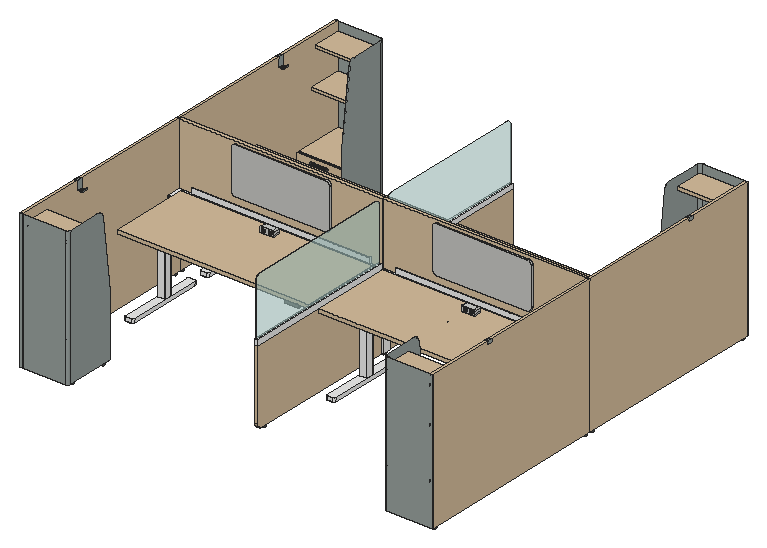
Revit family "Layout-Teknion-Expansion_Cityline_Height_Adjustable_Workstation_09-R2021", category Furniture Systems, Revit 2021
Family settings
  Round Connector Dimension = Use Diameter
  Part Type = Normal
  OmniClass Number = 23.40.70.14.64.21
  OmniClass Title = Systems Furniture
  Work Plane-Based = No
  Always vertical = Yes
  Cut with Voids When Loaded = No
  Shared = Yes
  Room Calculation Point = No
Parameters (values of type "Expansion Cityline Height-Adjustable Workstation 09")
  Warranty = "http://www.teknion.com/ca/papers/legal-canada"
  Unit Weight URL = "http://www.teknion.com/ca/tools/assets#&asset=bee6a381-b954-425e-8283-5a2de3a804f2,f828d448-4b62-4231-9e5f-9a8991c0ed77"
  URL = "www.teknion.com"
  To render please download texture images found here [instance] = "https://assets.teknion.com/web/5e81352c1dfdb467/revit-material-swatches/"
  Sustainability Data = "https://www.teknion.com/ca/tools/assets#&topic=216f99a5-57a0-44fc-b10a-9dee9b29ae4c&asset=444deb64-fe58-4b68-981e-f75e97781df7,b4ff2d81-9f2e-437d-9659-7cffb09c31cf"
  Series = "Expansion Cityline"  # constant formula
  Product Page URL = "https://www.teknionplanningtool.com/#?Expansion-Cityline-HAWorkstation09"
  Product Line = "Expansion Cityline"  # constant formula
  Model = "Expansion Cityline Height-Adjustable Workstation Layout 09"
  Material Finish Note [instance] = "Click on Edit Family to change the finishes."  # constant formula
  Manufacturer Phone = "416-661-3370"  # constant formula
  Manufacturer Fax = "416.661.4586"  # constant formula
  Manufacturer Contact Information = "http://www.teknion.com/ca/contactus"
  Manufacturer Address = "1150 Flint Road, Toronto, ON. M3J 2J5. Canada"  # constant formula
  Manufacturer = "Teknion"  # constant formula
  How To Use Teknion Materials User Guide [instance] = "https://assets.teknion.com/m/205dd0a49fa58060/original/How-to-add-a-Material-Library-and-Texture-Images-to-your-Revit-project.pdf"
  For Additional Finishes please visit [instance] = "https://assets.teknion.com/m/44a8009b046e5d47/original/Teknion_Materials_Library.zip"
  Description = "12'-7\" x 12'-0\" Overall"
  Default Elevation = 0.000"
  Assembly Code = "E2020200"
Reference planes (in)
  plane 1 "Center F/B": y = 324.47366
  plane 2: z = 0
  plane 3 "Center L/R": x = 376.29242
  plane 4 "Top": z = 50.87824
  plane 5: x = 300.86919
  plane 6: y = 252.41465
  plane 7: y = 396.53267
  plane 8: x = 451.71565
Dimensions and locks (in)
  plane 4 "Top" to level = 50.87824"
  equal spacing: plane 7, plane 1 "Center F/B", plane 6
  equal spacing: plane 5, plane 3 "Center L/R", plane 8
  plane 7 to plane 6 = 144.11802"
  plane 5 to plane 8 = 150.84646"
  aligned and locked: level to plane 2
Nested families (in)
  nested 1: "Screen-Teknion-JNSFDT_Floor_Screen_With_Metal_Tower_Open_Leg_Mounted_Two_Users-R2021" at (450.6999, 324.53263, 0) x (0, -1, 0) z (0, 0, 1), type "51" Datum Height, No Pass-Through"
    with Width 144.000", To render please download texture images found here "https://assets.teknion.com/web/5e81352c1dfdb467/revit-material-swatches/", Screen Finish Laminate - Teknion - 2L - Coastal Elm, Metal Tower Finish Paint - Teknion - Accent - Blue Sage, How To Use Teknion Materials User Guide "https://assets.teknion.com/m/205dd0a49fa58060/original/How-to-add-a-Material-Library-and-Texture-Images-to-your-Revit-project.pdf", Hook Finish Paint - Teknion - Accent - Blue Sage, Hardware Finish Paint - Teknion - Accent - Blue Sage, For Additional Finishes please visit "https://assets.teknion.com/m/44a8009b046e5d47/original/Teknion_Materials_Library.zip", Drawer File no, Available Width "132, 144, 156 & 168 Inch"
  nested 2: "Screen-Teknion-JNSFDT_Floor_Screen_With_Metal_Tower_Open_Leg_Mounted_Two_Users-R2021" at (301.88494, 324.53271, 0) x (0, 1, 0) z (0, 0, 1), type "51" Datum Height, No Pass-Through"
    with Width 144.000", To render please download texture images found here "https://assets.teknion.com/web/5e81352c1dfdb467/revit-material-swatches/", Screen Finish Laminate - Teknion - 2L - Coastal Elm, Metal Tower Finish Paint - Teknion - Accent - Blue Sage, How To Use Teknion Materials User Guide "https://assets.teknion.com/m/205dd0a49fa58060/original/How-to-add-a-Material-Library-and-Texture-Images-to-your-Revit-project.pdf", Hook Finish Paint - Teknion - Accent - Blue Sage, Hardware Finish Paint - Teknion - Accent - Blue Sage, For Additional Finishes please visit "https://assets.teknion.com/m/44a8009b046e5d47/original/Teknion_Materials_Library.zip", Drawer File no, Available Width "132, 144, 156 & 168 Inch"
  nested 3: "Screen-Teknion-JZSFGP_Floor_Screen_With_Glass_EZ_Fence_Post_Mounted-R2021" at (376.29242, 336.47345, 0) x (0, -1, 0) z (0, 0, 1), type "51" Datum Height, 28" Glass Starting Height"
    with Width Reduction Option "Select Width Reduction Option. Full-Beam Reduction is Default.", Width Reduction 1.693", Width 60.000", To render please download texture images found here "https://assets.teknion.com/web/5e81352c1dfdb467/revit-material-swatches/", Standard Corner no, Screen Width 58.484", Screen Finish Laminate - Teknion - 2L - Coastal Elm, Radius Corner yes, How To Use Teknion Materials User Guide "https://assets.teknion.com/m/205dd0a49fa58060/original/How-to-add-a-Material-Library-and-Texture-Images-to-your-Revit-project.pdf", Hardware Finish Paint  -Teknion - 83 - Very White, Half-Beam Reduction no, Glass Finish Glass - Teknion - FT - Frosted Glass, Full-Beam Reduction yes, Frame Finish Paint  -Teknion - 83 - Very White, For Additional Finishes please visit "https://assets.teknion.com/m/44a8009b046e5d47/original/Teknion_Materials_Library.zip", Corner Detail Option "Select Corner Detail Option. Standard Corner is Default.", Available Width "24, 30, 36, 42, 48, 54, 60, 66, 72, 78 & 84 Inch"
  nested 4: "Screen-Teknion-JZSFGP_Floor_Screen_With_Glass_EZ_Fence_Post_Mounted-R2021" at (376.29242, 312.4737, 0) x (0, 1, 0) z (0, 0, 1), type "51" Datum Height, 28" Glass Starting Height"
    with Width Reduction Option "Select Width Reduction Option. Full-Beam Reduction is Default.", Width Reduction 1.693", Width 60.000", To render please download texture images found here "https://assets.teknion.com/web/5e81352c1dfdb467/revit-material-swatches/", Standard Corner no, Screen Width 58.484", Screen Finish Laminate - Teknion - 2L - Coastal Elm, Radius Corner yes, How To Use Teknion Materials User Guide "https://assets.teknion.com/m/205dd0a49fa58060/original/How-to-add-a-Material-Library-and-Texture-Images-to-your-Revit-project.pdf", Hardware Finish Paint  -Teknion - 83 - Very White, Half-Beam Reduction no, Glass Finish Glass - Teknion - FT - Frosted Glass, Full-Beam Reduction yes, Frame Finish Paint  -Teknion - 83 - Very White, For Additional Finishes please visit "https://assets.teknion.com/m/44a8009b046e5d47/original/Teknion_Materials_Library.zip", Corner Detail Option "Select Corner Detail Option. Standard Corner is Default.", Available Width "24, 30, 36, 42, 48, 54, 60, 66, 72, 78 & 84 Inch"
  nested 5: "Support-Teknion-JNXRMH_hiSpace_Quick_Connect_Height_Adjustable_Mechanism_Rectangular-R2021" at (339.46408, 307.32003, 0), type "Extended Electric – Extended, 29" Depth, User Optimized Width Configuration"
    with Width 70.000", To render please download texture images found here "https://assets.teknion.com/web/5e81352c1dfdb467/revit-material-swatches/", Powerbar yes, How To Use Teknion Materials User Guide "https://assets.teknion.com/m/205dd0a49fa58060/original/How-to-add-a-Material-Library-and-Texture-Images-to-your-Revit-project.pdf", For Additional Finishes please visit "https://assets.teknion.com/m/44a8009b046e5d47/original/Teknion_Materials_Library.zip", Base Mechanism(Height) 27.811", Base Finish Paint  -Teknion - 83 - Very White, Available Width "46,49,52,55,58,61,64,67,70 inch", Available Base Mechanism(Height) "22.6 -48.7 inches"
  nested 6: "Worksurface-Teknion-JNXRW_hiSpace_Rectangular_Worksurface_With_Quick_Connect_Kit-R2021" at (339.46408, 307.28074, 0), type "Square Cut-Out - Center"
    with Worksurface Finish Laminate - Teknion - 2L - Coastal Elm, Width Configuration Option "Select Width Configuration. Standard Width are Default", Width Configuration Distance 1.110", Width 70.000", User Optimized Width (Accessory Restriction) yes, To render please download texture images found here "https://assets.teknion.com/web/5e81352c1dfdb467/revit-material-swatches/", Standard Width no, Standard yes, Square Cut-Out - Distance 4.553", Node - Cut-Out Right no, Node - Cut-Out Left no, Node - Cut-Out Center yes, Masking Region - Standard Corner, SR no, Masking Region - Standard Corner, SL no, Masking Region - Standard Corner, SC yes, Masking Region - Standard Corner, NN no, Masking Region - Standard Corner, DR no, Masking Region - Standard Corner, DL no, Masking Region - Standard Corner, DC no, Masking Region - Standard Corner, CR no, Masking Region - Standard Corner, CL no, Masking Region - Curved Corner, SR no, Masking Region - Curved Corner, SL no, Masking Region - Curved Corner, SC no, Masking Region - Curved Corner, NN no, Masking Region - Curved Corner, DR no, Masking Region - Curved Corner, DL no, Masking Region - Curved Corner, DC no, Masking Region - Curved Corner, CR no, Masking Region - Curved Corner, CL no, How To Use Teknion Materials User Guide "https://assets.teknion.com/m/205dd0a49fa58060/original/How-to-add-a-Material-Library-and-Texture-Images-to-your-Revit-project.pdf", Frame Finish Paint  -Teknion - 83 - Very White, For Additional Finishes please visit "https://assets.teknion.com/m/44a8009b046e5d47/original/Teknion_Materials_Library.zip", Diamond Cut-Out - Distance 3.358", Depth 29.000", Curved no, Corner Detail Option "Select Corner Detail. Curved are Default", Available Width "46, 49, 52, 55, 58, 61, 64, 67 & 70 Inch", Available Depth "23 & 29 Inch"
  nested 7: "Support-Teknion-JNXRMH_hiSpace_Quick_Connect_Height_Adjustable_Mechanism_Rectangular-R2021" at (413.12157, 307.32004, 0), type "Extended Electric – Extended, 29" Depth, User Optimized Width Configuration"
    with Width 70.000", To render please download texture images found here "https://assets.teknion.com/web/5e81352c1dfdb467/revit-material-swatches/", Powerbar yes, How To Use Teknion Materials User Guide "https://assets.teknion.com/m/205dd0a49fa58060/original/How-to-add-a-Material-Library-and-Texture-Images-to-your-Revit-project.pdf", For Additional Finishes please visit "https://assets.teknion.com/m/44a8009b046e5d47/original/Teknion_Materials_Library.zip", Base Mechanism(Height) 27.811", Base Finish Paint  -Teknion - 83 - Very White, Available Width "46,49,52,55,58,61,64,67,70 inch", Available Base Mechanism(Height) "22.6 -48.7 inches"
  nested 8: "Worksurface-Teknion-JNXRW_hiSpace_Rectangular_Worksurface_With_Quick_Connect_Kit-R2021" at (413.12157, 307.28075, 0), type "Square Cut-Out - Center"
    with Worksurface Finish Laminate - Teknion - 2L - Coastal Elm, Width Configuration Option "Select Width Configuration. Standard Width are Default", Width Configuration Distance 1.110", Width 70.000", User Optimized Width (Accessory Restriction) yes, To render please download texture images found here "https://assets.teknion.com/web/5e81352c1dfdb467/revit-material-swatches/", Standard Width no, Standard yes, Square Cut-Out - Distance 4.553", Node - Cut-Out Right no, Node - Cut-Out Left no, Node - Cut-Out Center yes, Masking Region - Standard Corner, SR no, Masking Region - Standard Corner, SL no, Masking Region - Standard Corner, SC yes, Masking Region - Standard Corner, NN no, Masking Region - Standard Corner, DR no, Masking Region - Standard Corner, DL no, Masking Region - Standard Corner, DC no, Masking Region - Standard Corner, CR no, Masking Region - Standard Corner, CL no, Masking Region - Curved Corner, SR no, Masking Region - Curved Corner, SL no, Masking Region - Curved Corner, SC no, Masking Region - Curved Corner, NN no, Masking Region - Curved Corner, DR no, Masking Region - Curved Corner, DL no, Masking Region - Curved Corner, DC no, Masking Region - Curved Corner, CR no, Masking Region - Curved Corner, CL no, How To Use Teknion Materials User Guide "https://assets.teknion.com/m/205dd0a49fa58060/original/How-to-add-a-Material-Library-and-Texture-Images-to-your-Revit-project.pdf", Frame Finish Paint  -Teknion - 83 - Very White, For Additional Finishes please visit "https://assets.teknion.com/m/44a8009b046e5d47/original/Teknion_Materials_Library.zip", Diamond Cut-Out - Distance 3.358", Depth 29.000", Curved no, Corner Detail Option "Select Corner Detail. Curved are Default", Available Width "46, 49, 52, 55, 58, 61, 64, 67 & 70 Inch", Available Depth "23 & 29 Inch"
  nested 9: "Support-Teknion-JNXRMH_hiSpace_Quick_Connect_Height_Adjustable_Mechanism_Rectangular-R2021" at (413.12076, 341.62728, 0) x (-1, 0, 0) z (0, 0, 1), type "Extended Electric – Extended, 29" Depth, User Optimized Width Configuration"
    with Width 70.000", To render please download texture images found here "https://assets.teknion.com/web/5e81352c1dfdb467/revit-material-swatches/", Powerbar yes, How To Use Teknion Materials User Guide "https://assets.teknion.com/m/205dd0a49fa58060/original/How-to-add-a-Material-Library-and-Texture-Images-to-your-Revit-project.pdf", For Additional Finishes please visit "https://assets.teknion.com/m/44a8009b046e5d47/original/Teknion_Materials_Library.zip", Base Mechanism(Height) 27.811", Base Finish Paint  -Teknion - 83 - Very White, Available Width "46,49,52,55,58,61,64,67,70 inch", Available Base Mechanism(Height) "22.6 -48.7 inches"
  nested 10: "Worksurface-Teknion-JNXRW_hiSpace_Rectangular_Worksurface_With_Quick_Connect_Kit-R2021" at (413.12076, 341.66657, 0) x (-1, 0, 0) z (0, 0, 1), type "Square Cut-Out - Center"
    with Worksurface Finish Laminate - Teknion - 2L - Coastal Elm, Width Configuration Option "Select Width Configuration. Standard Width are Default", Width Configuration Distance 1.110", Width 70.000", User Optimized Width (Accessory Restriction) yes, To render please download texture images found here "https://assets.teknion.com/web/5e81352c1dfdb467/revit-material-swatches/", Standard Width no, Standard yes, Square Cut-Out - Distance 4.553", Node - Cut-Out Right no, Node - Cut-Out Left no, Node - Cut-Out Center yes, Masking Region - Standard Corner, SR no, Masking Region - Standard Corner, SL no, Masking Region - Standard Corner, SC yes, Masking Region - Standard Corner, NN no, Masking Region - Standard Corner, DR no, Masking Region - Standard Corner, DL no, Masking Region - Standard Corner, DC no, Masking Region - Standard Corner, CR no, Masking Region - Standard Corner, CL no, Masking Region - Curved Corner, SR no, Masking Region - Curved Corner, SL no, Masking Region - Curved Corner, SC no, Masking Region - Curved Corner, NN no, Masking Region - Curved Corner, DR no, Masking Region - Curved Corner, DL no, Masking Region - Curved Corner, DC no, Masking Region - Curved Corner, CR no, Masking Region - Curved Corner, CL no, How To Use Teknion Materials User Guide "https://assets.teknion.com/m/205dd0a49fa58060/original/How-to-add-a-Material-Library-and-Texture-Images-to-your-Revit-project.pdf", Frame Finish Paint  -Teknion - 83 - Very White, For Additional Finishes please visit "https://assets.teknion.com/m/44a8009b046e5d47/original/Teknion_Materials_Library.zip", Diamond Cut-Out - Distance 3.358", Depth 29.000", Curved no, Corner Detail Option "Select Corner Detail. Curved are Default", Available Width "46, 49, 52, 55, 58, 61, 64, 67 & 70 Inch", Available Depth "23 & 29 Inch"
  nested 11: "Support-Teknion-JNXRMH_hiSpace_Quick_Connect_Height_Adjustable_Mechanism_Rectangular-R2021" at (339.46329, 341.62728, 0) x (-1, 0, 0) z (0, 0, 1), type "Extended Electric – Extended, 29" Depth, User Optimized Width Configuration"
    with Width 70.000", To render please download texture images found here "https://assets.teknion.com/web/5e81352c1dfdb467/revit-material-swatches/", Powerbar yes, How To Use Teknion Materials User Guide "https://assets.teknion.com/m/205dd0a49fa58060/original/How-to-add-a-Material-Library-and-Texture-Images-to-your-Revit-project.pdf", For Additional Finishes please visit "https://assets.teknion.com/m/44a8009b046e5d47/original/Teknion_Materials_Library.zip", Base Mechanism(Height) 27.811", Base Finish Paint  -Teknion - 83 - Very White, Available Width "46,49,52,55,58,61,64,67,70 inch", Available Base Mechanism(Height) "22.6 -48.7 inches"
  nested 12: "Worksurface-Teknion-JNXRW_hiSpace_Rectangular_Worksurface_With_Quick_Connect_Kit-R2021" at (339.46329, 341.66657, 0) x (-1, 0, 0) z (0, 0, 1), type "Square Cut-Out - Center"
    with Worksurface Finish Laminate - Teknion - 2L - Coastal Elm, Width Configuration Option "Select Width Configuration. Standard Width are Default", Width Configuration Distance 1.110", Width 70.000", User Optimized Width (Accessory Restriction) yes, To render please download texture images found here "https://assets.teknion.com/web/5e81352c1dfdb467/revit-material-swatches/", Standard Width no, Standard yes, Square Cut-Out - Distance 4.553", Node - Cut-Out Right no, Node - Cut-Out Left no, Node - Cut-Out Center yes, Masking Region - Standard Corner, SR no, Masking Region - Standard Corner, SL no, Masking Region - Standard Corner, SC yes, Masking Region - Standard Corner, NN no, Masking Region - Standard Corner, DR no, Masking Region - Standard Corner, DL no, Masking Region - Standard Corner, DC no, Masking Region - Standard Corner, CR no, Masking Region - Standard Corner, CL no, Masking Region - Curved Corner, SR no, Masking Region - Curved Corner, SL no, Masking Region - Curved Corner, SC no, Masking Region - Curved Corner, NN no, Masking Region - Curved Corner, DR no, Masking Region - Curved Corner, DL no, Masking Region - Curved Corner, DC no, Masking Region - Curved Corner, CR no, Masking Region - Curved Corner, CL no, How To Use Teknion Materials User Guide "https://assets.teknion.com/m/205dd0a49fa58060/original/How-to-add-a-Material-Library-and-Texture-Images-to-your-Revit-project.pdf", Frame Finish Paint  -Teknion - 83 - Very White, For Additional Finishes please visit "https://assets.teknion.com/m/44a8009b046e5d47/original/Teknion_Materials_Library.zip", Diamond Cut-Out - Distance 3.358", Depth 29.000", Curved no, Corner Detail Option "Select Corner Detail. Curved are Default", Available Width "46, 49, 52, 55, 58, 61, 64, 67 & 70 Inch", Available Depth "23 & 29 Inch"
  nested 13: "Desk_Structures-Teknion-JZSFS_EZ_Fence_Leg-R2021" at (301.8062, 324.47365, 0), type "End"
    with With Top Cover yes, Top Option "Select Top Option. Has Top Cover is default.", To render please download texture images found here "https://assets.teknion.com/web/5e81352c1dfdb467/revit-material-swatches/", No Top Cover no, How To Use Teknion Materials User Guide "https://assets.teknion.com/m/205dd0a49fa58060/original/How-to-add-a-Material-Library-and-Texture-Images-to-your-Revit-project.pdf", Frame Finish Paint  -Teknion - 83 - Very White, For Additional Finishes please visit "https://assets.teknion.com/m/44a8009b046e5d47/original/Teknion_Materials_Library.zip", 2D - In-Line with Top Cover no, 2D - In-Line w/o Top Cover no, 2D - End with Top Cover yes, 2D - End w/o Top Cover no
  nested 14: "Desk_Structures-Teknion-JZSFS_EZ_Fence_Leg-R2021" at (450.77864, 324.47365, 0) x (-1, 0, 0) z (0, 0, 1), type "End"
    with With Top Cover yes, Top Option "Select Top Option. Has Top Cover is default.", To render please download texture images found here "https://assets.teknion.com/web/5e81352c1dfdb467/revit-material-swatches/", No Top Cover no, How To Use Teknion Materials User Guide "https://assets.teknion.com/m/205dd0a49fa58060/original/How-to-add-a-Material-Library-and-Texture-Images-to-your-Revit-project.pdf", Frame Finish Paint  -Teknion - 83 - Very White, For Additional Finishes please visit "https://assets.teknion.com/m/44a8009b046e5d47/original/Teknion_Materials_Library.zip", 2D - In-Line with Top Cover no, 2D - In-Line w/o Top Cover no, 2D - End with Top Cover yes, 2D - End w/o Top Cover no
  nested 15: "Desk_Structure-Teknion-JZSBB_EZ_Fence_Beam-R2021" at (295.8067, 324.47365, 0), type "No Opening"
    with Width 72.000", To render please download texture images found here "https://assets.teknion.com/web/5e81352c1dfdb467/revit-material-swatches/", Screen Cut-Out 1.000", Right Power Opening Cut out 0.100", Right Opening Position no, Right Data Opening Cut out 0.100", Power and Data Openning Option "Please select one configuration below", No Screen no, Lift & Drop Tile Cut-Out 0.500", Lift & Drop Tile no, Left Power Opening Cut Out 0.100", Left Opening Position no, Left Data Opening Cut out 0.090", How To Use Teknion Materials User Guide "https://assets.teknion.com/m/205dd0a49fa58060/original/How-to-add-a-Material-Library-and-Texture-Images-to-your-Revit-project.pdf", For Additional Finishes please visit "https://assets.teknion.com/m/44a8009b046e5d47/original/Teknion_Materials_Library.zip", Finish Paint  -Teknion - 83 - Very White, EZ Add-On Screen yes, Database Notes "When Power and Data Opening (NN) is selected, then Opening Position C-L-R are not available. When Power and Data Opening (DO) - (DT) - (PO) - (PT) is selected, then Opening Position N is not available. When width 48-54-60 and Power and Data Opening (DO) - (DT) - (PO) - (PT) are selected, then Opening Position C is not available ", Configuration Option "Please select one configuration below", Center Power Opening Cut Out 0.100", Center Opening Position no, Center Data Opening Cut Out 0.090", Available Width "48, 54, 60, 66,72, 78, 84 Inch", Actual Width 72.157", 2D Right Power two sided opening no, 2D Right Power one sided opening no, 2D Right Data two sided opening no, 2D Right Data one sided opening no, 2D Left Power two sided opening no, 2D Left Power one sided opening no, 2D Left Data two sided opening no, 2D Left Data one sided opening no, 2D Center Power two sided opening no, 2D Center Power one sided opening no, 2D Center Data two sided opening no, 2D Center Data one sided opening no
  nested 16: "Desk_Structure-Teknion-JZSBB_EZ_Fence_Beam-R2021" at (369.46318, 324.47365, 0), type "No Opening"
    with Width 72.000", To render please download texture images found here "https://assets.teknion.com/web/5e81352c1dfdb467/revit-material-swatches/", Screen Cut-Out 1.000", Right Power Opening Cut out 0.100", Right Opening Position no, Right Data Opening Cut out 0.100", Power and Data Openning Option "Please select one configuration below", No Screen no, Lift & Drop Tile Cut-Out 0.500", Lift & Drop Tile no, Left Power Opening Cut Out 0.100", Left Opening Position no, Left Data Opening Cut out 0.090", How To Use Teknion Materials User Guide "https://assets.teknion.com/m/205dd0a49fa58060/original/How-to-add-a-Material-Library-and-Texture-Images-to-your-Revit-project.pdf", For Additional Finishes please visit "https://assets.teknion.com/m/44a8009b046e5d47/original/Teknion_Materials_Library.zip", Finish Paint  -Teknion - 83 - Very White, EZ Add-On Screen yes, Database Notes "When Power and Data Opening (NN) is selected, then Opening Position C-L-R are not available. When Power and Data Opening (DO) - (DT) - (PO) - (PT) is selected, then Opening Position N is not available. When width 48-54-60 and Power and Data Opening (DO) - (DT) - (PO) - (PT) are selected, then Opening Position C is not available ", Configuration Option "Please select one configuration below", Center Power Opening Cut Out 0.100", Center Opening Position no, Center Data Opening Cut Out 0.090", Available Width "48, 54, 60, 66,72, 78, 84 Inch", Actual Width 72.157", 2D Right Power two sided opening no, 2D Right Power one sided opening no, 2D Right Data two sided opening no, 2D Right Data one sided opening no, 2D Left Power two sided opening no, 2D Left Power one sided opening no, 2D Left Data two sided opening no, 2D Left Data one sided opening no, 2D Center Power two sided opening no, 2D Center Power one sided opening no, 2D Center Data two sided opening no, 2D Center Data one sided opening no
  nested 17: "Desk_Structures-Teknion-JZSPS_EZ_Fence_Post_With_Screen_Connection-R2020" at (375.46368, 324.47357, 0), type "EZ Fence Post With Screen Connection"
    with To render please download texture images found here "https://assets.teknion.com/web/5e81352c1dfdb467/revit-material-swatches/", How To Use Teknion Materials User Guide "https://assets.teknion.com/m/205dd0a49fa58060/original/How-to-add-a-Material-Library-and-Texture-Images-to-your-Revit-project.pdf", For Additional Finishes please visit "https://assets.teknion.com/m/44a8009b046e5d47/original/Teknion_Materials_Library.zip", Finish Paint  -Teknion - 83 - Very White
  nested 18: "Screen-Teknion-JZSASB_Solid_Add_On_Screen_EZ_Fence_Beam_Mounted-R2021" at (371.9497, 324.47365, 0), type "Standard Beam Height (28"), 51" Datum Height"
    with Without Alignment Holes yes, With Alignment Holes no, Width 72.000", To render please download texture images found here "https://assets.teknion.com/web/5e81352c1dfdb467/revit-material-swatches/", Standard yes, Screen Finish Laminate - Teknion - 2L - Coastal Elm, Radius no, In-line no, How To Use Teknion Materials User Guide "https://assets.teknion.com/m/205dd0a49fa58060/original/How-to-add-a-Material-Library-and-Texture-Images-to-your-Revit-project.pdf", For Additional Finishes please visit "https://assets.teknion.com/m/44a8009b046e5d47/original/Teknion_Materials_Library.zip", End Corner Detail Option "Select One End Corner Detail Option. Radius Coner is Not Available for In-line Configuration.", End yes, Cut-Out - Alignment Holes - Right 0.200", Cut-Out - Alignment Holes - Left 0.200", Cover Gap 5.002", Cover Finish Paint  -Teknion - 83 - Very White, Configuration Option "Select Configuration Option. End Configuration is Default.", Available Width "48, 54, 60, 66, 72, 78 & 84 Inch", Alignment Holes Option "Select Alignment Holes Option. Without Alignment Holes is Default.", Actual Width 74.408", 2D - Hole - Right no, 2D - Hole - Left no
  nested 19: "Screen-Teknion-JZSASB_Solid_Add_On_Screen_EZ_Fence_Beam_Mounted-R2021" at (297.46448, 324.47365, 0), type "Standard Beam Height (28"), 51" Datum Height"
    with Without Alignment Holes yes, With Alignment Holes no, Width 72.000", To render please download texture images found here "https://assets.teknion.com/web/5e81352c1dfdb467/revit-material-swatches/", Standard yes, Screen Finish Laminate - Teknion - 2L - Coastal Elm, Radius no, In-line no, How To Use Teknion Materials User Guide "https://assets.teknion.com/m/205dd0a49fa58060/original/How-to-add-a-Material-Library-and-Texture-Images-to-your-Revit-project.pdf", For Additional Finishes please visit "https://assets.teknion.com/m/44a8009b046e5d47/original/Teknion_Materials_Library.zip", End Corner Detail Option "Select One End Corner Detail Option. Radius Coner is Not Available for In-line Configuration.", End yes, Cut-Out - Alignment Holes - Right 0.200", Cut-Out - Alignment Holes - Left 0.200", Cover Gap 5.002", Cover Finish Paint  -Teknion - 83 - Very White, Configuration Option "Select Configuration Option. End Configuration is Default.", Available Width "48, 54, 60, 66, 72, 78 & 84 Inch", Alignment Holes Option "Select Alignment Holes Option. Without Alignment Holes is Default.", Actual Width 74.408", 2D - Hole - Right no, 2D - Hole - Left no
  nested 20: "Screens-Teknion-JNSCE_Casual_Board-R2015" at (413.12114, 323.6902, 0), type "Datum 51"h, 36"w, Radius Corner"
    with Board Finish Fabric-Teknion-RB13-Carrera
  nested 21: "Screens-Teknion-JNSCE_Casual_Board-R2015" at (413.12114, 325.25712, 0) x (-1, 0, 0) z (0, 0, 1), type "Datum 51"h, 36"w, Radius Corner"
    with Board Finish Fabric-Teknion-RB13-Carrera
  nested 22: "Screens-Teknion-JNSCE_Casual_Board-R2015" at (339.46367, 323.6902, 0), type "Datum 51"h, 36"w, Radius Corner"
    with Board Finish Fabric-Teknion-RB13-Carrera
  nested 23: "Screens-Teknion-JNSCE_Casual_Board-R2015" at (339.46367, 325.25712, 0) x (-1, 0, 0) z (0, 0, 1), type "Datum 51"h, 36"w, Radius Corner"
    with Board Finish Fabric-Teknion-RB13-Carrera
  nested 24: "Electrical-Teknion-JNEPC_Power_Cube-R2015" at (339.46407, 318.27877, 29), type "Dual - 1 Power / 2 USB / 0 Data"
    with Worksurface Thickness 1.1875", Width 5.000", Right Power/USB Charger 0.84375", Right Power Hole Depth 0.5625", Right Power Hole - Quad Depth 0.5625", Right Offset 0.77344", Power Cube - Case and Front Finish Paint - Teknion - Foundation - Soft Gris, Left Power Hole Depth 0.84375", Left Offset 0.67578", Data Hole Depth 0.5625"
  nested 25: "Electrical-Teknion-JNEPC_Power_Cube-R2015" at (413.12156, 318.27878, 29), type "Dual - 1 Power / 2 USB / 0 Data"
    with Worksurface Thickness 1.1875", Width 5.000", Right Power/USB Charger 0.84375", Right Power Hole Depth 0.5625", Right Power Hole - Quad Depth 0.5625", Right Offset 0.77344", Power Cube - Case and Front Finish Paint - Teknion - Foundation - Soft Gris, Left Power Hole Depth 0.84375", Left Offset 0.67578", Data Hole Depth 0.5625"
  nested 26: "Electrical-Teknion-JNEPC_Power_Cube-R2015" at (339.46329, 330.66854, 29) x (-1, 0, 0) z (0, 0, 1), type "Dual - 1 Power / 2 USB / 0 Data"
    with Worksurface Thickness 1.1875", Width 5.000", Right Power/USB Charger 0.84375", Right Power Hole Depth 0.5625", Right Power Hole - Quad Depth 0.5625", Right Offset 0.77344", Power Cube - Case and Front Finish Paint - Teknion - Foundation - Soft Gris, Left Power Hole Depth 0.84375", Left Offset 0.67578", Data Hole Depth 0.5625"
  nested 27: "Electrical-Teknion-JNEPC_Power_Cube-R2015" at (413.12076, 330.66854, 29) x (-1, 0, 0) z (0, 0, 1), type "Dual - 1 Power / 2 USB / 0 Data"
    with Worksurface Thickness 1.1875", Width 5.000", Right Power/USB Charger 0.84375", Right Power Hole Depth 0.5625", Right Power Hole - Quad Depth 0.5625", Right Offset 0.77344", Power Cube - Case and Front Finish Paint - Teknion - Foundation - Soft Gris, Left Power Hole Depth 0.84375", Left Offset 0.67578", Data Hole Depth 0.5625"
Definition of nested family "Screen-Teknion-JNSFDT_Floor_Screen_With_Metal_Tower_Open_Leg_Mounted_Two_Users-R2021"
  Parameters (values of type "51" Datum Height, Standard Height Pass-Through")
    Width [instance] = 168.000"
    Warranty = "http://www.teknion.com/ca/papers/legal-canada"
    Unit Weight URL = "http://www.teknion.com/ca/tools/assets#&asset=bee6a381-b954-425e-8283-5a2de3a804f2,f828d448-4b62-4231-9e5f-9a8991c0ed77"
    URL = "www.teknion.com"
    To render please download texture images found here [instance] = "https://assets.teknion.com/web/5e81352c1dfdb467/revit-material-swatches/"
    Sustainability Data = "https://www.teknion.com/ca/tools/assets#&topic=216f99a5-57a0-44fc-b10a-9dee9b29ae4c&asset=444deb64-fe58-4b68-981e-f75e97781df7,b4ff2d81-9f2e-437d-9659-7cffb09c31cf"
    Standard-Height Pass-Through = yes
    Shelve 2 Distance = if(Datum Height = 50.831", 16.016", if(Datum Height = 57.000", 18.516", 18.516"))  # 16.016"
    Series = "Expansion Cityline"  # constant formula
    Screen Finish [instance] = none
    Round Corner Cut-Out = if(Datum Height = 50.831", 13.641", if(Datum Height = 57.000", 12.829", 12.829"))  # 13.641"
    Product Page URL = "https://www.teknion.com/ca/products/product-details?productLineId=9ad2a26e-8e7a-673b-a6c8-ff05004460c4"
    Product Line = "Leg-Mounted Screens"  # constant formula
    Product Documentation Link = "https://www.teknion.com/pricing/expansion-cityline/pdfs/JNSFOT_ppg.pdf"
    Part Number = "JNSFDT"  # constant formula
    No Pass-Through = no
    Model = "JNSFDT51___S_"
    Metal Tower Finish [instance] = none
    Manufacturer Phone = "416-661-3370"  # constant formula
    Manufacturer Fax = "416.661.4586"  # constant formula
    Manufacturer Contact Information = "http://www.teknion.com/ca/contactus"
    Manufacturer Address = "1150 Flint Road, Toronto, ON. M3J 2J5. Canada"  # constant formula
    Manufacturer = "Teknion"  # constant formula
    How To Use Teknion Materials User Guide [instance] = "https://assets.teknion.com/m/205dd0a49fa58060/original/How-to-add-a-Material-Library-and-Texture-Images-to-your-Revit-project.pdf"
    Hook Finish [instance] = none
    Hardware Finish [instance] = none
    For Additional Finishes please visit [instance] = "https://assets.teknion.com/m/44a8009b046e5d47/original/Teknion_Materials_Library.zip"
    Drawer File [instance] = no
    Description = "Floor Screen With Metal Tower - One Drawer - Leg-Mounted - Two Users - 51\" Datum Height, Standard Height Pass-Through"
    Default Elevation = 0.000"
    Datum Height = 50.831"
    Cut-Out - Pass-Through = if([No Pass-Through], 0.200", if([Standard-Height Pass-Through], 3.500", 0.200"))  # 3.500"
    Available Width [instance] = "132, 144, 156 & 168 Inch"  # constant formula
    Assembly Code = "E2020200"
  Types (5): name | Width | Standard-Height Pass-Through | Shelve 2 Distance | Round Corner Cut-Out | No Pass-Through | Model | Drawer File | Description | Datum Height | Cut-Out - Pass-Through
    (no name) | 168.000" | yes | 16.016" | 13.641" | no | "JNSFDT51___S_" | no | "Floor Screen With Metal Tower - One Drawer - Leg-Mounted - Two Users - 51\" Datum Height, Standard Height Pass-Through" | 50.831" | 3.500"
    51" Datum Height, No Pass-Through | 132.000" | no | 16.016" | 13.641" | yes | "JNSFDT51___N_" | yes | "Floor Screen With Metal Tower - One Drawer - Leg-Mounted - Two Users - 51\" Datum Height, No Pass-Through" | 50.831" | 0.200"
    57" Datum Height, No Pass-Through | 168.000" | no | 18.516" | 12.829" | yes | "JNSFDT57___N_" | yes | "Floor Screen With Metal Tower - One Drawer - Leg-Mounted - Two Users - 57\" Datum Height, No Pass-Through" | 57.000" | 0.200"
    51" Datum Height, Standard Height Pass-Through | 168.000" | yes | 16.016" | 13.641" | no | "JNSFDT51___S_" | no | "Floor Screen With Metal Tower - One Drawer - Leg-Mounted - Two Users - 51\" Datum Height, Standard Height Pass-Through" | 50.831" | 3.500"
    57" Datum Height, Standard Height Pass-Through | 168.000" | yes | 18.516" | 12.829" | no | "JNSFDT57___S_" | no | "Floor Screen With Metal Tower - One Drawer - Leg-Mounted - Two Users - 57\" Datum Height, Standard Height Pass-Through" | 57.000" | 3.500"
  Reference planes (in)
    plane 1 "Center Front/Back": y = -7.84843
    plane 2: z = 0
    plane 3 "Center Left/Right": x = -0.00004
    plane 4 "Left": x = -84.00004
    plane 5 "Right": x = 83.99996
    plane 6 "Back": y = 1.01575
    plane 7 "Front": y = -16.7126
    plane 8 "Top": z = 50.831
    plane 9: z = 0.60236
  Forms (in)
    Sweep 1, solid, material <- "Screen Finish"
      path origin (0, -7.84843, 0) x (1, 0, 0) y (0, 0, 1)
        loop
          line (-0.00004, 50.831) -> (-0.00004, 0.60236)
      profile origin (-0.00004, -7.84843, 25.71668) x (0, -1, 0) y (1, 0, 0)
        loop
          line (-8.86417, 0) -> (-8.86417, -83.94094) -> (-7.84843, -83.94094) -> (-7.84843, 0) -> (-8.86417, 0)
    Sweep 2, solid, material <- "Screen Finish"
      path origin (0, -7.84843, 0) x (1, 0, 0) y (0, 0, 1)
        loop
          line (-0.00004, 50.831) -> (-0.00004, 0.60236)
      profile origin (-0.00004, -7.84843, 25.71668) x (0, -1, 0) y (1, 0, 0)
        loop
          line (-8.86417, 83.94094) -> (-8.86417, 0) -> (-7.84843, 0) -> (-7.84843, 83.94094) -> (-8.86417, 83.94094)
    Sweep 3, void
      path origin (0, 0, 0) x (1, 0, 0) y (0, 1, 0)
        loop
          line (-0.00004, -0.73425) -> (-0.00004, 2.76575)
      profile origin (-0.00004, 1.01575, 0) x (-1, 0, 0) y (0, 0, 1)
        loop
          line (0.815, 22.41732) -> (0.815, 16.88583)
          arc (0.815, 16.88583) -> (0.93031, 16.60744) -> (1.2087, 16.49213) r 0.3937
          line (1.2087, 16.49213) -> (3.05909, 16.49213)
          arc (3.05909, 16.49213) -> (3.33748, 16.60744) -> (3.4528, 16.88583) r 0.3937
          line (3.4528, 16.88583) -> (3.4528, 22.41732)
          arc (3.4528, 22.41732) -> (3.33748, 22.69571) -> (3.05909, 22.81102) r 0.3937
          line (3.05909, 22.81102) -> (1.2087, 22.81102)
          arc (1.2087, 22.81102) -> (0.93031, 22.69571) -> (0.815, 22.41732) r 0.3937
    Sweep 4, solid, material <- "Metal Tower Finish"
      path origin (0, -7.84843, 0) x (1, 0, 0) y (0, 0, 1)
        loop
          line (-0.00004, 0.60236) -> (-0.00004, 50.831)
      profile origin (-0.00004, -7.84843, 25.71668) x (-1, 0, 0) y (0, -1, 0)
        loop
          arc (82.94094, 8.80512) -> (83.64805, 8.51222) -> (83.94094, 7.80512) r 1
          line (83.94094, 7.80512) -> (83.94094, -8.86417) -> (84, -8.86417) -> (84, 7.80512)
          arc (84, 7.80512) -> (83.68981, 8.55398) -> (82.94094, 8.86417) r 1.05906
          line (82.94094, 8.86417) -> (64.94094, 8.86417) -> (64.94094, 8.80512) -> (82.94094, 8.80512)
        loop
          line (-82.94094, 8.80512) -> (-64.94094, 8.80512) -> (-64.94094, 8.86417) -> (-82.94094, 8.86417)
          arc (-82.94094, 8.86417) -> (-83.68981, 8.55398) -> (-84, 7.80512) r 1.05906
          line (-84, 7.80512) -> (-84, -8.86417) -> (-83.94094, -8.86417) -> (-83.94094, 7.80512)
          arc (-83.94094, 7.80512) -> (-83.64805, 8.51222) -> (-82.94094, 8.80512) r 1
    Sweep 5, void
      path origin (0, 0, 0) x (1, 0, 0) y (0, 1, 0)
        loop
          line (-0.00004, -16.7126) -> (-0.00004, -13.7126)
      profile origin (-0.00004, -15.2126, 0) x (-1, 0, 0) y (0, 0, 1)
        loop
          line (64.94094, 23) -> (68.37611, 49.09206)
          arc (68.37611, 49.09206) -> (69.04031, 50.33468) -> (70.359, 50.831) r 2
          line (70.359, 50.831) -> (64.94094, 50.831) -> (64.94094, 23)
        loop
          line (-64.94094, 23) -> (-64.94094, 50.831) -> (-70.359, 50.831)
          arc (-70.359, 50.831) -> (-69.04031, 50.33468) -> (-68.37611, 49.09206) r 2
          line (-68.37611, 49.09206) -> (-64.94094, 23)
    Sweep 6, solid, material <- "Screen Finish"
      path origin (0, -7.84843, 0) x (1, 0, 0) y (0, 0, 1)
        loop
          line (-0.00004, 15.37402) -> (-0.00004, 0.60236)
      profile origin (-0.00004, -7.84843, 7.98819) x (0, -1, 0) y (1, 0, 0)
        loop
          line (-7.84843, -82.94104) -> (8.80512, -82.94104) -> (8.80512, -65.77962) -> (-7.84843, -65.77962) -> (-7.84843, -82.94104)
        loop
          line (-7.84843, 65.77962) -> (8.80512, 65.77962) -> (8.80512, 82.94094) -> (-7.84843, 82.94094) -> (-7.84843, 65.77962)
    Sweep 7, void
      path origin (0, -7.84843, 0) x (1, 0, 0) y (0, 0, 1)
        loop
          line (-0.00004, 15.37402) -> (-0.00004, 1.61811)
      profile origin (-0.00004, -7.84843, 8.49606) x (0, -1, 0) y (1, 0, 0)
        loop
          line (-6.83268, -82.20088) -> (7.78937, -82.20088) -> (7.78937, -65.77962) -> (-6.83268, -65.77962) -> (-6.83268, -82.20088)
        loop
          line (-6.83268, 65.77962) -> (7.78937, 65.77962) -> (7.78937, 82.20088) -> (-6.83268, 82.20088) -> (-6.83268, 65.77962)
    Sweep 8, solid, material <- "Screen Finish"
      path origin (0, -7.84843, 0) x (1, 0, 0) y (0, 0, 1)
        loop
          line (-0.00004, 47.831) -> (-0.00004, 46.81525)
      profile origin (-0.00004, -7.84843, 47.32313) x (0, -1, 0) y (1, 0, 0)
        loop
          line (8.80512, -73.44104) -> (-7.84843, -73.44104) -> (-7.84843, -83.94104) -> (7.80512, -83.94104)
          arc (7.80512, -83.94104) -> (8.51222, -83.64815) -> (8.80512, -82.94104) r 1
          line (8.80512, -82.94104) -> (8.80512, -73.44104)
        loop
          line (-7.84843, 83.94104) -> (-7.84843, 73.44104) -> (8.80512, 73.44104) -> (8.80512, 82.94104)
          arc (8.80512, 82.94104) -> (8.51222, 83.64815) -> (7.80512, 83.94104) r 1
          line (7.80512, 83.94104) -> (-7.84843, 83.94104)
    Sweep 9, solid, material <- "Screen Finish"
      path origin (0, -7.84843, 0) x (1, 0, 0) y (0, 0, 1)
        loop
          line (-0.00004, 34.815) -> (-0.00004, 33.79925)
      profile origin (-0.00004, -7.84843, 34.30713) x (0, -1, 0) y (1, 0, 0)
        loop
          line (8.80512, -71.44104) -> (-7.84843, -71.44104) -> (-7.84843, -83.94104) -> (7.80512, -83.94104)
          arc (7.80512, -83.94104) -> (8.51222, -83.64815) -> (8.80512, -82.94104) r 1
          line (8.80512, -82.94104) -> (8.80512, -71.44104)
        loop
          line (-7.84843, 71.44104) -> (8.80512, 71.44104) -> (8.80512, 82.94104)
          arc (8.80512, 82.94104) -> (8.51222, 83.64815) -> (7.80512, 83.94104) r 1
          line (7.80512, 83.94104) -> (-7.84843, 83.94104) -> (-7.84843, 71.44104)
    Sweep 10, solid, material <- "Screen Finish"
      path origin (0, -7.84843, 0) x (1, 0, 0) y (0, 0, 1)
        loop
          line (-0.00004, 16.38976) -> (-0.00004, 15.37402)
      profile origin (-0.00004, -7.84843, 15.88189) x (0, -1, 0) y (1, 0, 0)
        loop
          line (-7.84843, -83.94104) -> (7.80512, -83.94104)
          arc (7.80512, -83.94104) -> (8.51222, -83.64815) -> (8.80512, -82.94104) r 1
          line (8.80512, -82.94104) -> (8.80512, -65.77962) -> (-7.84843, -65.77962) -> (-7.84843, -83.94104)
        loop
          line (-7.84843, 65.77962) -> (8.80512, 65.77962) -> (8.80512, 82.94104)
          arc (8.80512, 82.94104) -> (8.51222, 83.64815) -> (7.80512, 83.94104) r 1
          line (7.80512, 83.94104) -> (-7.84843, 83.94104) -> (-7.84843, 65.77962)
    Sweep 11, solid, visible <- "Standard-Height Pass-Through"
      path origin (-64.19161, 1.01575, 48) x (-1, 0, 0) y (0, 0, 1)
        loop
          arc (-61.13247, -31.50787) -> (-60.85408, -31.39256) -> (-60.73877, -31.11417) r 0.3937
          line (-60.73877, -31.11417) -> (-60.73877, -25.58268)
          arc (-60.73877, -25.58268) -> (-60.85408, -25.30429) -> (-61.13247, -25.18898) r 0.3937
          line (-61.13247, -25.18898) -> (-62.98287, -25.18898)
          arc (-62.98287, -25.18898) -> (-63.26125, -25.30429) -> (-63.37657, -25.58268) r 0.3937
          line (-63.37657, -25.58268) -> (-63.37657, -31.11417)
          arc (-63.37657, -31.11417) -> (-63.26125, -31.39256) -> (-62.98287, -31.50787) r 0.3937
          line (-62.98287, -31.50787) -> (-61.13247, -31.50787)
      profile origin (-2.13394, 1.01575, 16.49213) x (0, 0, -1) y (0, 1, 0)
        loop
          line (-0.22524, -1.05512) -> (-0.02953, -1.05512)
          arc (-0.02953, -1.05512) -> (0.01449, -1.04473) -> (0.04921, -1.01575) r 0.09843
          line (0.04921, -1.01575) -> (-0.05906, -1.01575) -> (-0.05906, 0) -> (0.04921, 0)
          arc (0.04921, 0) -> (0.01449, 0.02898) -> (-0.02953, 0.03937) r 0.09843
          line (-0.02953, 0.03937) -> (-0.22524, 0.03937) -> (-0.22524, -1.05512)
    Sweep 12, solid, material <- "Hardware Finish"
      path origin (0, 0, 0) x (1, 0, 0) y (0, 1, 0)
        loop
          line (-5.16933, -7.84843) -> (5.16925, -7.84843)
      profile origin (-0.00004, -7.84843, 0) x (0, 1, 0) y (0, 0, 1)
        loop
          line (6.41142, 27.76811) -> (6.41142, 27.69291) -> (7.77323, 27.69291) -> (7.77323, 22.73228) -> (6.58858, 22.73228) -> (6.58858, 22.65709) -> (7.84843, 22.65709) -> (7.84843, 27.76811) -> (6.41142, 27.76811)
    Sweep 13, void
      path origin (0, 0, 0) x (1, 0, 0) y (0, 1, 0)
        loop
          line (-0.00004, 0) -> (-0.00004, -1.43701)
      profile origin (-0.00004, -0.7185, 0) x (1, 0, 0) y (0, 0, 1)
        loop
          line (-3.83071, 27.76811) -> (-3.83071, 27.69291) -> (3.83071, 27.69291) -> (3.83071, 27.76811) -> (-3.83071, 27.76811)
        loop
          line (-5.16929, 22.73228) -> (-5.16929, 22.65709) -> (-3.14961, 22.65709) -> (-3.14961, 22.73228) -> (-5.16929, 22.73228)
        loop
          line (3.14961, 22.73228) -> (3.14961, 22.65709) -> (5.16929, 22.65709) -> (5.16929, 22.73228) -> (3.14961, 22.73228)
    Sweep 14, solid
      path origin (0, -7.84843, 0) x (1, 0, 0) y (0, 0, 1)
        loop
          line (-0.00004, 0.60236) -> (-0.00004, 0)
      profile origin (-0.00004, -7.84843, 0.30118) x (0, -1, 0) y (1, 0, 0)
        loop
          circle (-8.3563, -82.44104) r 0.5
        loop
          circle (-7.34055, -81.44104) r 0.5
        loop
          circle (-7.34055, -67.27962) r 0.5
        loop
          circle (8.29724, -67.27962) r 0.5
        loop
          circle (8.29724, -81.44104) r 0.5
        loop
          circle (-8.3563, -1.5) r 0.5
        loop
          circle (-8.3563, 1.5) r 0.5
        loop
          circle (-8.3563, 82.44104) r 0.5
        loop
          circle (-7.34055, 81.44104) r 0.5
        loop
          circle (-7.34055, 67.27962) r 0.5
        loop
          circle (8.29724, 67.27962) r 0.5
        loop
          circle (8.29724, 81.44104) r 0.5
    Sweep 15, solid, material <- "Hook Finish"
      path origin (0, 0, 0) x (1, 0, 0) y (0, 1, 0)
        loop
          line (-58.81608, -7.84843) -> (-57.06608, -7.84843)
      profile origin (-57.94108, -7.84843, 0) x (0, 1, 0) y (0, 0, 1)
        loop
          line (7.80118, 47.67549) -> (6.28937, 47.67549)
          arc (6.28937, 47.67549) -> (6.01098, 47.7908) -> (5.89567, 48.06919) r 0.3937
          line (5.89567, 48.06919) -> (5.89567, 48.42549) -> (5.84843, 48.42549) -> (5.84843, 48.06919)
          arc (5.84843, 48.06919) -> (5.97757, 47.75739) -> (6.28937, 47.62824) r 0.44094
          line (6.28937, 47.62824) -> (7.84843, 47.62824) -> (7.84843, 50.831) -> (8.86417, 50.831) -> (8.86417, 49.88612) -> (8.91142, 49.88612) -> (8.91142, 50.87824) -> (7.80118, 50.87824) -> (7.80118, 47.67549)
    Sweep 16, solid, material <- "Hook Finish"
      path origin (0, 0, 0) x (1, 0, 0) y (0, 1, 0)
        loop
          line (57.066, -7.84843) -> (58.816, -7.84843)
      profile origin (57.941, -7.84843, 0) x (0, 1, 0) y (0, 0, 1)
        loop
          line (5.89567, 48.42549) -> (5.84843, 48.42549) -> (5.84843, 48.06919)
          arc (5.84843, 48.06919) -> (5.97757, 47.75739) -> (6.28937, 47.62824) r 0.44094
          line (6.28937, 47.62824) -> (7.84843, 47.62824) -> (7.84843, 50.831) -> (8.86417, 50.831) -> (8.86417, 49.88612) -> (8.91142, 49.88612) -> (8.91142, 50.87824) -> (7.80118, 50.87824) -> (7.80118, 47.67549) -> (6.28937, 47.67549)
          arc (6.28937, 47.67549) -> (6.01098, 47.7908) -> (5.89567, 48.06919) r 0.3937
          line (5.89567, 48.06919) -> (5.89567, 48.42549)
    Sweep 17, void
      path origin (0, 0, 0) x (1, 0, 0) y (0, 1, 0)
        loop
          line (-0.00004, -2) -> (-0.00004, -1.75)
      profile origin (-0.00004, -1.875, 0) x (-1, 0, 0) y (0, 0, 1)
        loop
          arc (58.56604, 48.42549) -> (58.74282, 48.35226) -> (58.81604, 48.17549) r 0.25
          line (58.81604, 48.17549) -> (58.81604, 48.42549) -> (58.56604, 48.42549)
        loop
          line (57.06604, 48.42549) -> (57.06604, 48.17549)
          arc (57.06604, 48.17549) -> (57.13926, 48.35226) -> (57.31604, 48.42549) r 0.25
          line (57.31604, 48.42549) -> (57.06604, 48.42549)
        loop
          line (-58.56604, 48.42549) -> (-58.81604, 48.42549) -> (-58.81604, 48.17549)
          arc (-58.81604, 48.17549) -> (-58.74282, 48.35226) -> (-58.56604, 48.42549) r 0.25
        loop
          line (-57.06604, 48.42549) -> (-57.31604, 48.42549)
          arc (-57.31604, 48.42549) -> (-57.13926, 48.35226) -> (-57.06604, 48.17549) r 0.25
          line (-57.06604, 48.17549) -> (-57.06604, 48.42549)
    Sweep 18, void
      path origin (0, 0, 0) x (1, 0, 0) y (0, 1, 0)
        loop
          line (-0.00004, 1.06299) -> (-0.00004, 0.81299)
      profile origin (-0.00004, 0.93799, 0) x (1, 0, 0) y (0, 0, 1)
        loop
          line (58.81604, 49.88612) -> (58.81604, 50.42549)
          arc (58.81604, 50.42549) -> (58.65806, 50.0441) -> (58.27667, 49.88612) r 0.53937
          line (58.27667, 49.88612) -> (58.81604, 49.88612)
        loop
          line (57.06604, 49.88612) -> (57.60541, 49.88612)
          arc (57.60541, 49.88612) -> (57.22402, 50.0441) -> (57.06604, 50.42549) r 0.53937
          line (57.06604, 50.42549) -> (57.06604, 49.88612)
        loop
          line (-58.81604, 49.88612) -> (-58.27667, 49.88612)
          arc (-58.27667, 49.88612) -> (-58.65806, 50.0441) -> (-58.81604, 50.42549) r 0.53937
          line (-58.81604, 50.42549) -> (-58.81604, 49.88612)
        loop
          line (-57.06604, 49.88612) -> (-57.06604, 50.42549)
          arc (-57.06604, 50.42549) -> (-57.22402, 50.0441) -> (-57.60541, 49.88612) r 0.53937
          line (-57.60541, 49.88612) -> (-57.06604, 49.88612)
    Sweep 19, void
      path origin (0, -7.84843, 0) x (1, 0, 0) y (0, 0, 1)
        loop
          line (-0.00004, 48.27588) -> (-0.00004, 47.02588)
      profile origin (-0.00004, -7.84843, 47.65088) x (0, -1, 0) y (1, 0, 0)
        loop
          arc (-7.24213, -58.30669) -> (-7.04528, -58.50354) -> (-6.84843, -58.30669) r 0.19685
          line (-6.84843, -58.30669) -> (-6.84843, -57.57539)
          arc (-6.84843, -57.57539) -> (-7.04528, -57.37854) -> (-7.24213, -57.57539) r 0.19685
          line (-7.24213, -57.57539) -> (-7.24213, -58.30669)
        loop
          line (-7.24213, 58.30669) -> (-7.24213, 57.57539)
          arc (-7.24213, 57.57539) -> (-7.04528, 57.37854) -> (-6.84843, 57.57539) r 0.19685
          line (-6.84843, 57.57539) -> (-6.84843, 58.30669)
          arc (-6.84843, 58.30669) -> (-7.04528, 58.50354) -> (-7.24213, 58.30669) r 0.19685
    Sweep 20, solid, material <- "Screen Finish"
      path origin (0, -7.84843, 0) x (1, 0, 0) y (0, 0, 1)
        loop
          line (-65.64187, 16.27165) -> (-65.64187, 0.66142)
      profile origin (-65.64187, -7.84843, 8.46654) x (0, -1, 0) y (1, 0, 0)
        loop
          line (-7.84843, 0) -> (8.80512, 0) -> (8.80512, 0.70088) -> (-7.84843, 0.70088) -> (-7.84843, 0)
    Sweep 21, void
      path origin (0, 0, 0) x (1, 0, 0) y (0, 1, 0)
        loop
          line (-64.94098, -7.84843) -> (-65.64187, -7.84843)
      profile origin (-65.29143, -7.84843, 0) x (0, -1, 0) y (0, 0, 1)
        loop
          line (3.08465, 14.97953) -> (-2.12795, 14.97953)
          arc (-2.12795, 14.97953) -> (-2.67047, 14.43701) -> (-2.12795, 13.89449) r 0.54252
          line (-2.12795, 13.89449) -> (3.08465, 13.89449)
          arc (3.08465, 13.89449) -> (3.62717, 14.43701) -> (3.08465, 14.97953) r 0.54252
    Sweep 22, solid, material <- "Screen Finish"
      path origin (-0.00008, -7.84843, 0) x (-1, 0, 0) y (0, 0, 1)
        loop
          line (-65.64187, 16.27165) -> (-65.64187, 0.66142)
      profile origin (65.64179, -7.84843, 8.46654) x (0, -1, 0) y (1, 0, 0)
        loop
          line (-7.84843, 0) -> (-7.84843, -0.70088) -> (8.80512, -0.70088) -> (8.80512, 0) -> (-7.84843, 0)
    Sweep 23, void
      path origin (-0.00008, 0, 0) x (-1, 0, 0) y (0, 1, 0)
        loop
          line (-64.94098, -7.84843) -> (-65.64187, -7.84843)
      profile origin (65.29135, -7.84843, 0) x (0, 1, 0) y (0, 0, 1)
        loop
          line (2.12795, 14.97953) -> (-3.08465, 14.97953)
          arc (-3.08465, 14.97953) -> (-3.62717, 14.43701) -> (-3.08465, 13.89449) r 0.54252
          line (-3.08465, 13.89449) -> (2.12795, 13.89449)
          arc (2.12795, 13.89449) -> (2.67047, 14.43701) -> (2.12795, 14.97953) r 0.54252
    Sweep 24, solid
      path origin (-0.00004, 0, 0) x (0, 1, 0) y (0, 0, 1)
        loop
          line (-5.72047, 14.97953) -> (-10.93307, 14.97953)
          arc (-10.93307, 14.97953) -> (-11.47559, 14.43701) -> (-10.93307, 13.89449) r 0.54252
          line (-10.93307, 13.89449) -> (-5.72047, 13.89449)
          arc (-5.72047, 13.89449) -> (-5.17795, 14.43701) -> (-5.72047, 14.97953) r 0.54252
      profile origin (-0.00004, -8.32677, 14.97953) x (0, 0, -1) y (1, 0, 0)
        loop
          line (0, -64.94104) -> (0, -65.64183) -> (0.09646, -65.64183) -> (0.09646, -64.94104)
          arc (0.09646, -64.94104) -> (0.04823, -64.89281) -> (0, -64.94104) r 0.04823
    Sweep 25, solid
      path origin (0, -7.84843, 0) x (1, 0, 0) y (0, 0, 1)
        loop
          line (-65.56313, 14.43701) -> (-65.64187, 14.43701)
      profile origin (-65.6025, -7.84843, 14.43701) x (0, 0, -1) y (0, -1, 0)
        loop
          arc (-0.44606, -2.12795) -> (0, -2.57402) -> (0.44606, -2.12795) r 0.44606
          line (0.44606, -2.12795) -> (0.44606, 3.08465)
          arc (0.44606, 3.08465) -> (0, 3.53071) -> (-0.44606, 3.08465) r 0.44606
          line (-0.44606, 3.08465) -> (-0.44606, -2.12795)
    Sweep 26, solid
      path origin (-0.00004, 0, 0) x (0, 1, 0) y (0, 0, -1)
        loop
          arc (-5.72047, -14.97953) -> (-5.17795, -14.43701) -> (-5.72047, -13.89449) r 0.54252
          line (-5.72047, -13.89449) -> (-10.93307, -13.89449)
          arc (-10.93307, -13.89449) -> (-11.47559, -14.43701) -> (-10.93307, -14.97953) r 0.54252
          line (-10.93307, -14.97953) -> (-5.72047, -14.97953)
      profile origin (-0.00004, -8.32677, 14.97953) x (0, 0, 1) y (-1, 0, 0)
        loop
          arc (0, -64.94104) -> (-0.04823, -64.89281) -> (-0.09646, -64.94104) r 0.04823
          line (-0.09646, -64.94104) -> (-0.09646, -65.64183) -> (0, -65.64183) -> (0, -64.94104)
    Sweep 27, solid
      path origin (-0.00008, -7.84843, 0) x (-1, 0, 0) y (0, 0, 1)
        loop
          line (-65.56313, 14.43701) -> (-65.64187, 14.43701)
      profile origin (65.60242, -7.84843, 14.43701) x (0, 0, 1) y (0, -1, 0)
        loop
          line (0.44606, -2.12795) -> (0.44606, 3.08465)
          arc (0.44606, 3.08465) -> (0, 3.53071) -> (-0.44606, 3.08465) r 0.44606
          line (-0.44606, 3.08465) -> (-0.44606, -2.12795)
          arc (-0.44606, -2.12795) -> (0, -2.57402) -> (0.44606, -2.12795) r 0.44606
    Sweep 28, solid, material <- "Hardware Finish", visible <- "Drawer File"
      path origin (0, 0, 0) x (1, 0, 0) y (0, 1, 0)
        loop
          line (-64.94098, -14.75393) -> (-64.88202, -14.75393)
      profile origin (-64.9115, -14.75393, 0) x (0, 1, 0) y (0, 0, 1)
        loop
          line (-0.09843, 14.62795) -> (0, 14.62795) -> (0, 15.00197) -> (-0.09843, 15.00197) -> (-0.09843, 14.62795)
        loop
          circle (-0.04921, 14.81496) r 0.39624
    Sweep 29, solid, material <- "Hardware Finish", visible <- "Drawer File"
      path origin (-0.00008, 0, 0) x (-1, 0, 0) y (0, 1, 0)
        loop
          line (-64.94098, -14.75393) -> (-64.88202, -14.75393)
      profile origin (64.91143, -14.75393, 0) x (0, -1, 0) y (0, 0, 1)
        loop
          line (0.09843, 14.62795) -> (0.09843, 15.00197) -> (0, 15.00197) -> (0, 14.62795) -> (0.09843, 14.62795)
        loop
          circle (0.04921, 14.81496) r 0.39624
  Cuts and joins
    Sweep 3 cuts Sweep 1
    Sweep 5 cuts Sweep 4
    Sweep 7 cuts Sweep 6
    Sweep 13 cuts Sweep 12
    Sweep 17, Sweep 18, Sweep 19 cuts Sweep 16
    Sweep 17, Sweep 18, Sweep 19 cuts Sweep 15
    Sweep 21, Sweep 23 cuts Sweep 20
    Sweep 23 cuts Sweep 22
    joined: Sweep 24, Sweep 25
  Lines and regions (in)
    Masking region 1
      outline origin (0, 0, 0) x (1, 0, 0) y (0, 1, 0)
        loop
          line (-65.77966, -16.65354) -> (-65.64187, -16.65354) -> (-65.64187, 0) -> (-65.77966, 0) -> (-65.77966, -16.65354)
        loop
          line (-82.94098, -16.7126) -> (-64.94098, -16.7126) -> (-64.94098, -15.19939) -> (-64.88202, -15.19939) -> (-64.88202, -14.4069) -> (-64.94098, -14.4069) -> (-64.94098, -11.47574)
          arc (-64.94098, -11.47574) -> (-64.90683, -11.46159) -> (-64.89268, -11.42744) r 0.0483
          line (-64.89268, -11.42744) -> (-64.89298, -5.2264)
          arc (-64.89298, -5.2264) -> (-64.90704, -5.19245) -> (-64.94098, -5.17839) r 0.04801
          line (-64.94098, -5.17839) -> (-64.94098, 0) -> (-58.81608, 0) -> (-58.81608, -2) -> (-57.06608, -2) -> (-57.06608, 0) -> (-5.16933, 0) -> (-5.16933, -1.43701) -> (-3.83075, -1.43701) -> (-3.83075, -0.0752) -> (-3.14965, -0.0752) -> (-3.14965, -1.25984) -> (3.14957, -1.25984) -> (3.14957, -0.0752) -> (3.83067, -0.0752) -> (3.83067, -1.43701) -> (5.16925, -1.43701) -> (5.16925, 0) -> (57.066, 0) -> (57.066, -2) -> (58.816, -2) -> (58.816, 0) -> (64.94091, 0) -> (64.94091, -5.17839)
          arc (64.94091, -5.17839) -> (64.90696, -5.19245) -> (64.8929, -5.2264) r 0.04801
          line (64.8929, -5.2264) -> (64.8926, -11.42744)
          arc (64.8926, -11.42744) -> (64.90675, -11.46159) -> (64.94091, -11.47574) r 0.0483
          line (64.94091, -11.47574) -> (64.94091, -14.4069) -> (64.88194, -14.4069) -> (64.88194, -15.19939) -> (64.94091, -15.19939) -> (64.94091, -16.7126) -> (82.94091, -16.7126)
          arc (82.94091, -16.7126) -> (83.68977, -16.40241) -> (83.99996, -15.65354) r 1.05906
          line (83.99996, -15.65354) -> (83.99996, 1.01575) -> (58.816, 1.01575) -> (58.816, 1.06299) -> (57.066, 1.06299) -> (57.066, 1.01575) -> (-57.06608, 1.01575) -> (-57.06608, 1.06299) -> (-58.81608, 1.06299) -> (-58.81608, 1.01575) -> (-84.00004, 1.01575) -> (-84.00004, -15.65354)
          arc (-84.00004, -15.65354) -> (-83.68985, -16.40241) -> (-82.94098, -16.7126) r 1.05906
        loop
          line (65.77958, 0) -> (65.64179, 0) -> (65.64179, -16.65354) -> (65.77958, -16.65354) -> (65.77958, 0)
        loop
          arc (58.30665, -1) -> (58.5035, -0.80315) -> (58.30665, -0.6063) r 0.19685
          line (58.30665, -0.6063) -> (57.57535, -0.6063)
          arc (57.57535, -0.6063) -> (57.3785, -0.80315) -> (57.57535, -1) r 0.19685
          line (57.57535, -1) -> (58.30665, -1)
        loop
          arc (-57.57543, -1) -> (-57.37858, -0.80315) -> (-57.57543, -0.6063) r 0.19685
          line (-57.57543, -0.6063) -> (-58.30673, -0.6063)
          arc (-58.30673, -0.6063) -> (-58.50358, -0.80315) -> (-58.30673, -1) r 0.19685
          line (-58.30673, -1) -> (-57.57543, -1)
    Masking region 2, visible <- "Standard-Height Pass-Through"
      outline origin (0, 0, 0) x (1, 0, 0) y (0, 1, 0)
        loop
          line (-0.84457, 1.05512) -> (-3.42331, 1.05512)
          arc (-3.42331, 1.05512) -> (-3.46732, 1.04473) -> (-3.50205, 1.01575) r 0.09843
          line (-3.50205, 1.01575) -> (-0.76583, 1.01575)
          arc (-0.76583, 1.01575) -> (-0.80055, 1.04473) -> (-0.84457, 1.05512) r 0.09843
    reference lines
      curve 1: line (-84.00004, -16.7126, 0) -> (83.99996, -16.7126, 0)
      curve 2: line (-84.00004, 1.01575, 0) -> (-84.00004, -16.7126, 0)
      curve 3: line (-84.00004, 1.01575, 0) -> (83.99996, 1.01575, 0)
      curve 4: line (83.99996, 1.01575, 0) -> (83.99996, -16.7126, 0)
    symbolic lines
      curve 5: line (-83.94098, -15.65354, 0) -> (-83.94098, 1.01491, 0)
      curve 6: line (-64.94098, -16.65354, 0) -> (-82.94098, -16.65354, 0)
      curve 7: arc (-83.94098, -15.65354, 0) -> (-83.64809, -16.36065, 0) -> (-82.94098, -16.65354, 0) r 1
      curve 8: line (-83.94098, 0, 0) -> (-58.81608, 0, 0)
      curve 9: line (-58.81608, 0, 0) -> (-58.81608, 1.01575, 0)
      curve 10: line (-73.44108, -16.65354, 0) -> (-73.44108, 0, 0)
      curve 11: line (-71.44108, -16.65354, 0) -> (-71.44108, 0, 0)
      curve 12: line (-57.06608, 0, 0) -> (-57.06608, 1.01575, 0)
      curve 13: line (-57.06608, 0, 0) -> (-0.00004, 0, 0)
      curve 14: line (-58.81608, -0.04724, 0) -> (-57.06608, -0.04724, 0)
      curve 15: line (-57.06608, -1.95276, 0) -> (-58.81608, -1.95276, 0)
      curve 16: line (-0.00004, 1.01491, 0) -> (-0.00004, 0, 0)
      curve 17: line (3.83007, -0.0752, 0) -> (-3.83135, -0.0752, 0)
      curve 18: line (-0.00004, 0, 0) -> (57.066, 0, 0)
      curve 19: line (57.066, 0, 0) -> (57.066, 1.01575, 0)
      curve 20: line (57.066, -0.04724, 0) -> (58.816, -0.04724, 0)
      curve 21: line (58.816, -1.95276, 0) -> (57.066, -1.95276, 0)
      curve 22: line (58.816, 0, 0) -> (83.94091, 0, 0)
      curve 23: line (58.816, 0, 0) -> (58.816, 1.01575, 0)
      curve 24: line (83.94091, 1.01491, 0) -> (83.941, -15.65354, 0)
      curve 25: line (82.941, -16.65354, 0) -> (64.94091, -16.65354, 0)
      curve 26: line (71.441, 0, 0) -> (71.441, -16.65354, 0)
      curve 27: line (73.441, 0, 0) -> (73.441, -16.65354, 0)
      curve 28: arc (82.941, -16.65354, 0) -> (83.64811, -16.36065, 0) -> (83.941, -15.65354, 0) r 1
      curve 76: line (-3.83075, 0, 0) -> (-3.83075, -1.43701, 0)
      curve 77: line (3.83067, -1.43701, 0) -> (3.83067, 0, 0)
      curve 78: line (-64.94098, -15.19939, 0) -> (-64.94098, -14.4069, 0)
      curve 79: line (64.94091, -14.4069, 0) -> (64.94091, -15.19939, 0)
      curve 80: line (64.94091, 0, 0) -> (64.94091, -16.65354, 0)
      curve 81: line (-64.94098, -16.65354, 0) -> (-64.94098, 0, 0)
    symbolic lines, detail levels medium+fine
      curve 29: line (-82.94108, 0, 0) -> (-82.94108, -16.65354, 0)
      curve 30: line (-65.77966, -1.01575, 0) -> (-82.20092, -1.01575, 0)
      curve 31: line (-82.20092, -1.01575, 0) -> (-82.20092, -15.6378, 0)
      curve 32: line (-82.20092, -15.6378, 0) -> (-65.77966, -15.6378, 0)
      curve 33: line (-58.81608, 1.01575, 0) -> (-57.06608, 1.01575, 0)
      curve 34: line (-58.81608, 0, 0) -> (-57.06608, 0, 0)
      curve 35: line (57.066, 1.01575, 0) -> (58.816, 1.01575, 0)
      curve 36: line (57.066, 0, 0) -> (58.816, 0, 0)
      curve 37: line (82.20084, -1.01575, 0) -> (65.77958, -1.01575, 0)
      curve 38: line (82.20084, -15.6378, 0) -> (82.20084, -1.01575, 0)
      curve 39: line (65.77958, -15.6378, 0) -> (82.20084, -15.6378, 0)
      curve 40: line (82.94091, -16.65354, 0) -> (82.94091, 0, 0)
      curve 41: line (-5.16933, -0.0752, 0) -> (-3.83135, -0.0752, 0)
      curve 42: line (3.83007, -0.0752, 0) -> (5.16925, -0.0752, 0)
      curve 82: line (-65.56313, -5.27441, 0) -> (-65.56313, -11.37913, 0)
      curve 83: line (-65.64187, -5.17795, 0) -> (-64.94098, -5.17795, 0)
      curve 84: line (-65.56313, -5.27441, 0) -> (-64.94098, -5.27441, 0)
      curve 85: line (-65.64187, -11.47559, 0) -> (-64.94098, -11.47559, 0)
      curve 86: line (-65.56313, -11.37913, 0) -> (-64.94098, -11.37913, 0)
      curve 87: line (65.56305, -11.37913, 0) -> (65.56305, -5.27441, 0)
      curve 88: line (64.94091, -11.37913, 0) -> (65.56305, -11.37913, 0)
      curve 89: line (64.94091, -11.47574, 0) -> (65.64179, -11.47574, 0)
      curve 90: line (64.94091, -5.17839, 0) -> (65.64179, -5.17839, 0)
